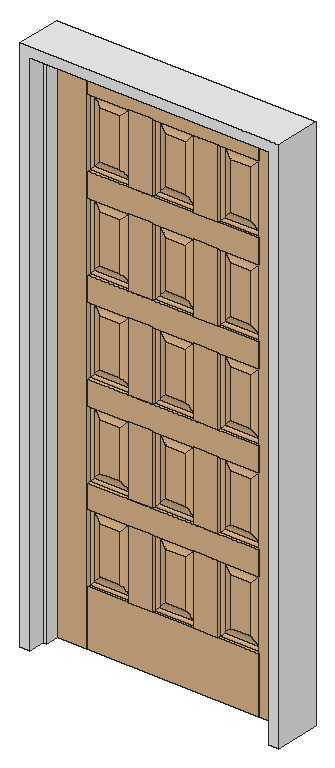
Revit family
Parameters (values of type "2 1/4" Raised Panel")
  URL = "http://www.karonadoor.com"
  Thickness Note = "Do not edit thickness."  # constant formula
  Thickness = 2.250"
  Swing Angle 2D = 90.00°
  SmartBIM Object Version = 1  # constant formula
  SmartBIM Object Created By = "Reed Construction Data"  # constant formula
  Rough Width = 0.000"
  Rough Height = 0.000"
  Panel = Panel_K5930_Karona : 2 1/4" - Raised Panel
  Model = "K5930 Ovolo"  # constant formula
  Manufacturer = "Karona , Inc."  # constant formula
  Detail Door Thickness = 2.250"
  Assembly Code = ""
  Top Rail Height = 5.000"
  Top Rail = Wood, Cherry - Grain Horizontal
  Stile Width = 5.063"
  Stile = Wood, Cherry - Grain Vertical
  Sticking = Wood, Cherry - Grain Vertical
  Middle Rail = Wood, Cherry - Grain Horizontal
  Height = 80.000"
  Wall Closure = (empty or 0)
  Width = 36.000"
  Frame = Metal
  Bottom Rail Height = 8.500"
  Bottom Rail = Wood, Cherry - Grain Horizontal
  95 CSI = "08210"  # constant formula
  04 CSI = "08 14 33"  # constant formula
Types (9): name | Thickness | Rough Height | Panel | Detail Door Thickness
  1 3/4" Flat Panel | 1.774" | 1.750" | Panel_K5930_Karona : 1 3/4" - Flat Panel | 1.750"
  1 3/8" Flat Panel | 1.334" | 0.000" | Panel_K5930_Karona : 1 3/8" - Flat Panel | 1.375"
  2 1/4" Flat Panel | 2.250" | 0.000" | Panel_K5930_Karona : 2 1/4" - Flat Panel | 2.250"
  1 3/4" Glass Panel | 1.774" | 1.750" | Panel_K5930_Karona : 1 3/4" - Glass Panel | 1.750"
  1 3/8" Glass Panel | 1.334" | 0.000" | Panel_K5930_Karona : 1 3/8" - Glass Panel | 1.375"
  2 1/4" Glass Panel | 2.250" | 0.000" | Panel_K5930_Karona : 2 1/4" - Glass | 2.250"
  1 3/4" Raised Panel | 1.774" | 1.750" | Panel_K5930_Karona : 1 3/4" - Raised Panel | 1.750"
  1 3/8" Raised Panel | 1.334" | 0.000" | Panel_K5930_Karona : 1 3/8" - Raised Panel | 1.375"
  2 1/4" Raised Panel | 2.250" | 0.000" | Panel_K5930_Karona : 2 1/4" - Raised Panel | 2.250"
Reference planes (in)
  plane 1 "Center (Front/Back)": y = 0
  plane 2 "Center (Left/Right)": x = 0
  plane 3 "Left": x = -18
  plane 4 "Right": x = 18
  plane 5 "Top": z = 80
  plane 6 "Exterior Edge of Frame": y = 3.5
  plane 7 "Interior Edge of Frame": y = -3.5
  plane 8: y = 1
  plane 9: y = -1
  plane 10 "Opening Left": x = -19.5
  plane 11 "Opening Right": x = 19.5
  plane 12 "Top of Opening": z = 81.5
  plane 13: x = -17.5
Forms (in)
  Sweep 1, solid, material "Metal" <- "Frame"
    path origin (0, 0, 0) x (1, 0, 0) y (0, 0, 1)
      loop
        line (-19.5, 0) -> (-19.5, 81.5) -> (19.5, 81.5) -> (19.5, 0)
    profile origin (-19.5, 0, 40.75) x (-1, 0, 0) y (0, -1, 0)
      loop
        line (0, -3.5) -> (0, 3.5) -> (-1.5, 3.5) -> (-1.5, 1) -> (-2, 1) -> (-2, -1) -> (-1.5, -1) -> (-1.5, -3.5) -> (0, -3.5)
Lines and regions (in)
  Opening 1
    outline origin (-90, -3, 0) x (1, 0, 0) y (0, 0, 1)
      loop
        line (70.5, 0) -> (109.5, 0) -> (109.5, 81.5) -> (70.5, 81.5) -> (70.5, 0)
  symbolic lines, style "Elevation Swing"
    curve 1: line (18, 3, 0) -> (-18, 3, 40)
    curve 2: line (-18, 3, 40) -> (18, 3, 80)
Text (in)
  text "Exterior" at (-46.13199, 20.20143, 0), in view "Ref. Level"
  text "Interior" at (-46.13199, -10.56751, 0), in view "Ref. Level"
  text "Exterior" at (0, 40.15149, 123.01588), in view "Right"
  text "Interior" at (0, -64.39139, 123.01588), in view "Right"
  text "Interior" at (0, -31.01599, 123.00693), in view "Left"
  text "Exterior" at (0, 54.57065, 123.00693), in view "Left"
Dimensions and locks (in)
  "Height": level to plane 5 "Top"
  "Width": plane 3 "Left" to plane 4 "Right"
  equal spacing: host wall, curve 2, plane 5 "Top"
  locked: host wall to plane 7 "Interior Edge of Frame" at 0.5
  locked: plane 6 "Exterior Edge of Frame" to host wall at 0.5
  locked: plane 9 to plane 7 "Interior Edge of Frame" at 2.5
  locked: plane 6 "Exterior Edge of Frame" to plane 8 at 2.5
  equal spacing: plane 3 "Left", plane 2 "Center (Left/Right)", plane 4 "Right"
  locked: plane 4 "Right" to plane 11 "Opening Right" at 1.5
  locked: plane 5 "Top" to plane 12 "Top of Opening" at 1.5
  locked: plane 3 "Left" to plane 13 at 0.5
  locked: plane 10 "Opening Left" to plane 3 "Left" at 1.5
  aligned and locked: Opening 1 sketch curve to level
  aligned and locked: plane 4 "Right" to curve 1
  aligned and locked: plane 3 "Left" to curve 1
  aligned and locked: plane 5 "Top" to curve 2
  aligned and locked: Opening 1 sketch curve to plane 11 "Opening Right"
  aligned and locked: plane 12 "Top of Opening" to Opening 1 sketch curve
  aligned and locked: Opening 1 sketch curve to plane 10 "Opening Left"
  aligned and locked: plane 10 "Opening Left" to Sweep 1 sketch curve
  aligned and locked: plane 12 "Top of Opening" to Sweep 1 sketch curve
  aligned and locked: plane 11 "Opening Right" to Sweep 1 sketch curve
  aligned and locked: level to Sweep 1 sketch curve  (x2)
  aligned and locked: Sweep 1 sketch curve to plane 10 "Opening Left"
  aligned and locked: Sweep 1 sketch curve to plane 6 "Exterior Edge of Frame"
  aligned and locked: Sweep 1 sketch curve to plane 7 "Interior Edge of Frame"
  aligned and locked: Sweep 1 sketch curve to plane 8
  aligned and locked: Sweep 1 sketch curve to plane 9
  aligned and locked: plane 13 to Sweep 1 sketch curve
  aligned and locked: plane 3 "Left" to Sweep 1 sketch curve  (x2)
  aligned and locked: nested 1 to plane 2 "Center (Left/Right)"
  aligned and locked: nested 1 to plane 8  (x2)
  aligned and locked: nested 2 to plane 3 "Left"
  aligned and locked: nested 2 to plane 8
Automatic sketch dimensions
  curve 1 to level = 0.000"
  curve 2 to plane 4 "Right" = 0.000"
Nested families (in)
  nested 1: "Panel_K5930_Karona" at (-13.5, 0.8935, 0) x (-1, 0, 0) z (0, 0, 1), type <- "Panel", type "2 1/4" - Raised Panel"
  nested 2: "Door Panel Plan View" at (-31.5, 1, 0) x (-1, 0, 0) z (0, 0, 1), type "Door Panel Plan View"
    with Thickness 2.250", Height 80.000"
Definition of nested family "Panel_K5930_Karona"
  Parameters (values of type "2 1/4" - Raised Panel")
    Width = 36.000"
    Top Rail Material = Wood, Cherry - Grain Horizontal
    Top Rail Height = 5.000"
    Top Panel Offset = Top Rail Height + Half Panel Height  # 10.200"
    Thickness Note = "Do not change door thickness"  # constant formula
    Thickness = 2.250"
    Stile Width = 5.063"
    Stile Material = Wood, Cherry - Grain Vertical
    Sticking Material = Wood, Cherry - Grain Vertical
    Panel Width = (Width - (2 * Stile Width) - (2 * Mullion Width)) / 3  # 6.208"
    Panel Height = (Height - (Bottom Rail Height + Top Rail Height) - (4 * 3.625")) / 5  # 10.400"
    Panel = Glass-Sticking-Assembly-Ovolo_Karona : Raised Panel
    Mullion Width = 3.625"  # constant formula
    Interior Panel = Wood, Cherry - Grain Vertical
    Height = 80.000"
    Half Panel Width = 0.5 * Panel Width  # 3.104"
    Half Panel Height = 0.5 * Panel Height  # 5.200"
    Exterior Edge - Glass Bottom Offset = if(Thickness = 1.774", 0.567", if(Thickness = 2.250", 0.803", 0.469"))  # 0.803"
    Door Panel Material = Wood, Cherry - Grain Vertical
    Default Elevation = 0.000"  # constant formula
    Cross Rail and Panel Spacing Start = Half Panel Height + 0.5 * (3.625")  # 7.0125"
    Cross Rail Panel Height = Panel Height + 3.625"  # 14.025"
    Bottom Rail Material = Wood, Cherry - Grain Horizontal
    Bottom Rail Height = 8.500"
    Assembly Code = ""
  Types (9): name | Thickness | Stile Width | Panel Width | Panel | Interior Panel | Half Panel Width | Exterior Edge - Glass Bottom Offset
    2 1/4" - Flat Panel | 2.250" | 5.250" | 6.08333" | Glass-Sticking-Assembly-Ovolo_Karona : Flat Panel | Wood, Cherry - Grain Vertical | 3.04167" | 0.803"
    2 1/4" - Glass | 2.250" | 5.250" | 6.08333" | Glass-Sticking-Assembly-Ovolo_Karona : Glass Panel | Glass | 3.04167" | 0.803"
    2 1/4" - Raised Panel | 2.250" | 5.063" | 6.208" | Glass-Sticking-Assembly-Ovolo_Karona : Raised Panel | Wood, Cherry - Grain Vertical | 3.104" | 0.803"
    1 3/4" - Raised Panel | 1.774" | 5.250" | 6.08333" | Glass-Sticking-Assembly-Ovolo_Karona : Raised Panel | Wood, Cherry - Grain Vertical | 3.04167" | 0.567"
    1 3/4" - Flat Panel | 1.774" | 5.250" | 6.08333" | Glass-Sticking-Assembly-Ovolo_Karona : Flat Panel | Wood, Cherry - Grain Vertical | 3.04167" | 0.567"
    1 3/4" - Glass Panel | 1.774" | 5.250" | 6.08333" | Glass-Sticking-Assembly-Ovolo_Karona : Glass Panel | Glass | 3.04167" | 0.567"
    1 3/8" - Raised Panel | 1.334" | 5.250" | 6.08333" | Glass-Sticking-Assembly-Ovolo_Karona : Raised Panel | Wood, Cherry - Grain Vertical | 3.04167" | 0.469"
    1 3/8" - Glass Panel | 1.334" | 5.250" | 6.08333" | Glass-Sticking-Assembly-Ovolo_Karona : Glass Panel | Glass | 3.04167" | 0.469"
    1 3/8" - Flat Panel | 1.334" | 5.250" | 6.08333" | Glass-Sticking-Assembly-Ovolo_Karona : Flat Panel | Wood, Cherry - Grain Vertical | 3.04167" | 0.469"
  Reference planes (in)
    plane 1 "Center (Front/Back)": y = 1.2315
    plane 2: z = 0
    plane 3 "Center (Left/Right)": x = -13.5
    plane 4 "Left": x = -31.5
    plane 5: x = 4.5
    plane 6 "Inner Left": x = -26.437
    plane 7 "Inner Right": x = -0.563
    plane 8: z = 8.5
    plane 9 "Bottom Of Top Rail": z = 75
    plane 10 "Top": z = 80
    plane 11 "Interior Edge of Door": y = 2.3565
    plane 12: z = 75
    plane 13 "Exterior Edge of Door": y = 0.1065
    plane 14 "Bottom of Glass": y = 0.9095
    plane 15 "Left Panel Vertical Midline": x = -23.333
    plane 16 "Right Panel Vertical Midline": x = -3.667
    plane 17 "Center of Left Vertical Mullion": x = -18.4165
    plane 18 "Center of Right Vertical Mullion": x = -8.5835
    plane 19 "Horizontal Midline Panel 1": z = 69.8
    plane 20 "Horizontal Midline Panel 2": z = 55.775
    plane 21 "Horizontal Midline Panel 3": z = 41.75
    plane 22 "Horizontal Midline Panel 4": z = 27.725
    plane 23 "Cross Rail 2": z = 48.7625
    plane 24 "Cross Rail 3": z = 34.7375
    plane 25 "Cross Rail Bottom": z = 20.7125
    plane 26 "Horizontal Midline Panel 5": z = 13.7
    plane 27 "Cross Rail 1": z = 62.7875
    plane 28: x = -20.229
    plane 29: x = -16.604
    plane 30: x = -10.396
    plane 31: x = -6.771
  Forms (in)
    Extrusion 1, solid, material "Wood, Cherry - Grain Horizontal" <- "Bottom Rail Material"
      sketch origin (0, -101.3125, 0) x (1, 0, 0) y (0, 0, 1)
        loop
          line (-26.437, 0) -> (-0.563, 0) -> (-0.563, 8.5) -> (-26.437, 8.5) -> (-26.437, 0)
      from -103.669 to -101.419
    Extrusion 2, solid, material "Wood, Cherry - Grain Vertical" <- "Stile Material"
      sketch origin (0, 1.2315, 0) x (1, 0, 0) y (0, 0, 1)
        loop
          line (-31.5, 80) -> (-31.5, 0) -> (-26.437, 0) -> (-26.437, 80) -> (-31.5, 80)
        loop
          line (-0.563, 0) -> (4.5, 0) -> (4.5, 80) -> (-0.563, 80) -> (-0.563, 0)
      from -1.125 to 1.125
    Extrusion 3, solid, material "Wood, Cherry - Grain Horizontal" <- "Top Rail Material"
      sketch origin (0, 1.2315, 0) x (1, 0, 0) y (0, 0, 1)
        loop
          line (-26.437, 80) -> (-26.437, 75) -> (-0.563, 75) -> (-0.563, 80) -> (-26.437, 80)
      from -1.125 to 1.125
    Extrusion 4, solid, material "Wood, Cherry - Grain Horizontal" <- "Top Rail Material"
      sketch origin (0, 1.2315, 0) x (1, 0, 0) y (0, 0, 1)
        loop
          line (-0.563, 18.8995) -> (-0.563, 22.5255) -> (-26.437, 22.5255) -> (-26.437, 18.8995) -> (-0.563, 18.8995)
        loop
          line (-0.563, 32.9245) -> (-0.563, 36.5505) -> (-26.437, 36.5505) -> (-26.437, 32.9245) -> (-0.563, 32.9245)
        loop
          line (-0.563, 46.9495) -> (-0.563, 50.5755) -> (-26.437, 50.5755) -> (-26.437, 46.9495) -> (-0.563, 46.9495)
        loop
          line (-0.563, 60.9745) -> (-0.563, 64.6005) -> (-26.437, 64.6005) -> (-26.437, 60.9745) -> (-0.563, 60.9745)
      from -1.125 to 1.125
    Extrusion 5, solid, material "Wood, Cherry - Grain Vertical" <- "Stile Material"
      sketch origin (0, 1.2315, 0) x (1, 0, 0) y (0, 0, 1)
        loop
          line (-20.229, 8.5) -> (-16.604, 8.5) -> (-16.604, 18.8995) -> (-20.229, 18.8995) -> (-20.229, 8.5)
        loop
          line (-10.396, 8.5) -> (-6.771, 8.5) -> (-6.771, 18.8995) -> (-10.396, 18.8995) -> (-10.396, 8.5)
        loop
          line (-20.229, 22.5255) -> (-16.604, 22.5255) -> (-16.604, 32.9245) -> (-20.229, 32.9245) -> (-20.229, 22.5255)
        loop
          line (-6.771, 22.5255) -> (-6.771, 32.9245) -> (-10.396, 32.9245) -> (-10.396, 22.5255) -> (-6.771, 22.5255)
        loop
          line (-20.229, 36.5505) -> (-16.604, 36.5505) -> (-16.604, 46.9495) -> (-20.229, 46.9495) -> (-20.229, 36.5505)
        loop
          line (-6.771, 36.5505) -> (-6.771, 46.9495) -> (-10.396, 46.9495) -> (-10.396, 36.5505) -> (-6.771, 36.5505)
        loop
          line (-20.229, 50.5755) -> (-16.604, 50.5755) -> (-16.604, 60.9745) -> (-20.229, 60.9745) -> (-20.229, 50.5755)
        loop
          line (-10.396, 50.5755) -> (-6.771, 50.5755) -> (-6.771, 60.9745) -> (-10.396, 60.9745) -> (-10.396, 50.5755)
        loop
          line (-20.229, 64.6005) -> (-16.604, 64.6005) -> (-16.604, 75) -> (-20.229, 75) -> (-20.229, 64.6005)
        loop
          line (-10.396, 64.6005) -> (-6.771, 64.6005) -> (-6.771, 75) -> (-10.396, 75) -> (-10.396, 64.6005)
      from -1.125 to 1.125
  Text (in)
    text "EXTERIOR" at (-34.59289, -1.27941, 0), in view "Ref. Level"
    text "EXTERIOR" at (0, -9.65287, 72.76687), in view "Left"
    text "EXTERIOR" at (0, -33.33473, 96.68074), in view "Right"
  Dimensions and locks (in)
    equal spacing: plane 4 "Left", plane 3 "Center (Left/Right)", plane 5
    "Width": plane 4 "Left" to plane 5
    "Stile Width": plane 4 "Left" to plane 6 "Inner Left"
    "Stile Width": plane 5 to plane 7 "Inner Right"
    "Bottom Rail Height": plane 8 to plane 2
    "Top Rail Height": plane 10 "Top" to plane 9 "Bottom Of Top Rail"
    "Height": plane 10 "Top" to plane 2
    equal spacing: plane 11 "Interior Edge of Door", plane 1 "Center (Front/Back)", plane 13 "Exterior Edge of Door"
    "Thickness": plane 11 "Interior Edge of Door" to plane 13 "Exterior Edge of Door"
    "Exterior Edge - Glass Bottom Offset": plane 14 "Bottom of Glass" to plane 13 "Exterior Edge of Door"
    "Exterior Edge - Glass Bottom Offset": plane 13 "Exterior Edge of Door" to plane 14 "Bottom of Glass"
    "Half Panel Width": plane 15 "Left Panel Vertical Midline" to plane 6 "Inner Left"
    "Half Panel Width": plane 7 "Inner Right" to plane 16 "Right Panel Vertical Midline"
    equal spacing: plane 3 "Center (Left/Right)", plane 17 "Center of Left Vertical Mullion", plane 15 "Left Panel Vertical Midline"
    equal spacing: plane 16 "Right Panel Vertical Midline", plane 18 "Center of Right Vertical Mullion", plane 3 "Center (Left/Right)"
    "Half Panel Height": plane 26 "Horizontal Midline Panel 5" to plane 8
    "Cross Rail and Panel Spacing Start": plane 25 "Cross Rail Bottom" to plane 26 "Horizontal Midline Panel 5"
    "Cross Rail Panel Height": plane 24 "Cross Rail 3" to plane 25 "Cross Rail Bottom"
    "Cross Rail Panel Height": plane 23 "Cross Rail 2" to plane 24 "Cross Rail 3"
    "Cross Rail Panel Height": plane 27 "Cross Rail 1" to plane 23 "Cross Rail 2"
    equal spacing: Extrusion 4 sketch curve, plane 27 "Cross Rail 1", Extrusion 4 sketch curve
    equal spacing: Extrusion 4 sketch curve, plane 23 "Cross Rail 2", Extrusion 4 sketch curve
    equal spacing: Extrusion 4 sketch curve, plane 24 "Cross Rail 3", Extrusion 4 sketch curve
    equal spacing: Extrusion 4 sketch curve, plane 25 "Cross Rail Bottom", Extrusion 4 sketch curve
    locked: Extrusion 4 sketch curve to Extrusion 4 sketch curve at 3.626  (x4)
    equal spacing: plane 24 "Cross Rail 3", plane 22 "Horizontal Midline Panel 4", plane 25 "Cross Rail Bottom"
    equal spacing: plane 23 "Cross Rail 2", plane 21 "Horizontal Midline Panel 3", plane 24 "Cross Rail 3"
    equal spacing: plane 27 "Cross Rail 1", plane 20 "Horizontal Midline Panel 2", plane 23 "Cross Rail 2"
    equal spacing: Extrusion 5 sketch curve, plane 22 "Horizontal Midline Panel 4", Extrusion 5 sketch curve  (x2)
    equal spacing: Extrusion 5 sketch curve, plane 21 "Horizontal Midline Panel 3", Extrusion 5 sketch curve  (x2)
    equal spacing: plane 28, plane 17 "Center of Left Vertical Mullion", plane 29
    locked: plane 28 to plane 29 at 3.625
    equal spacing: plane 30, plane 18 "Center of Right Vertical Mullion", plane 31
    locked: plane 30 to plane 31 at 3.625
    equal spacing: Extrusion 5 sketch curve, plane 20 "Horizontal Midline Panel 2", Extrusion 5 sketch curve  (x2)
    "Cross Rail and Panel Spacing Start": plane 19 "Horizontal Midline Panel 1" to plane 27 "Cross Rail 1"
    aligned and locked: Extrusion 1 to plane 2
    aligned and locked: plane 11 "Interior Edge of Door" to Extrusion 1
    aligned and locked: plane 4 "Left" to Extrusion 2 sketch curve
    aligned and locked: Extrusion 2 sketch curve to plane 10 "Top"
    aligned and locked: Extrusion 2 sketch curve to Extrusion 1  (x3)
    aligned and locked: Extrusion 1 to Extrusion 2 sketch curve
    aligned and locked: plane 10 "Top" to Extrusion 2 sketch curve
    aligned and locked: plane 5 to Extrusion 2 sketch curve
    aligned and locked: plane 11 "Interior Edge of Door" to Extrusion 2
    aligned and locked: Extrusion 2 to Extrusion 3 sketch curve
    aligned and locked: Extrusion 3 sketch curve to Extrusion 2
    aligned and locked: plane 11 "Interior Edge of Door" to Extrusion 3
    aligned and locked: plane 12 to plane 9 "Bottom Of Top Rail"
    aligned and locked: level to plane 2
    aligned and locked: Extrusion 3 to plane 13 "Exterior Edge of Door"
    aligned and locked: Extrusion 3 to plane 11 "Interior Edge of Door"
    aligned and locked: Extrusion 2 to plane 13 "Exterior Edge of Door"
    aligned and locked: Extrusion 3 to plane 12
    aligned and locked: Extrusion 1 to Extrusion 2
    aligned and locked: nested 1 to plane 1 "Center (Front/Back)"
    aligned and locked: nested 1 to plane 15 "Left Panel Vertical Midline"
    aligned and locked: plane 3 "Center (Left/Right)" to nested 3
    aligned and locked: nested 3 to plane 1 "Center (Front/Back)"
    aligned and locked: nested 2 to plane 1 "Center (Front/Back)"
    aligned and locked: nested 2 to plane 16 "Right Panel Vertical Midline"
    aligned and locked: plane 11 "Interior Edge of Door" to Extrusion 4
    aligned and locked: Extrusion 4 to plane 13 "Exterior Edge of Door"
    aligned and locked: plane 26 "Horizontal Midline Panel 5" to nested 1
    aligned and locked: plane 19 "Horizontal Midline Panel 1" to nested 13
    aligned and locked: plane 19 "Horizontal Midline Panel 1" to nested 15
    aligned and locked: plane 19 "Horizontal Midline Panel 1" to nested 14
    aligned and locked: plane 16 "Right Panel Vertical Midline" to nested 14
    aligned and locked: plane 16 "Right Panel Vertical Midline" to nested 11
    aligned and locked: plane 16 "Right Panel Vertical Midline" to nested 8
    aligned and locked: plane 16 "Right Panel Vertical Midline" to nested 5
    aligned and locked: plane 20 "Horizontal Midline Panel 2" to nested 11
    aligned and locked: plane 20 "Horizontal Midline Panel 2" to nested 12
    aligned and locked: plane 20 "Horizontal Midline Panel 2" to nested 10
    aligned and locked: plane 21 "Horizontal Midline Panel 3" to nested 7
    aligned and locked: plane 21 "Horizontal Midline Panel 3" to nested 9
    aligned and locked: plane 21 "Horizontal Midline Panel 3" to nested 8
    aligned and locked: plane 22 "Horizontal Midline Panel 4" to nested 4
    aligned and locked: plane 22 "Horizontal Midline Panel 4" to nested 6
    aligned and locked: plane 22 "Horizontal Midline Panel 4" to nested 5
    aligned and locked: plane 15 "Left Panel Vertical Midline" to nested 13
    aligned and locked: plane 15 "Left Panel Vertical Midline" to nested 10
    aligned and locked: plane 15 "Left Panel Vertical Midline" to nested 7
    aligned and locked: plane 3 "Center (Left/Right)" to nested 15
    aligned and locked: plane 3 "Center (Left/Right)" to nested 12
    aligned and locked: plane 3 "Center (Left/Right)" to nested 9
    aligned and locked: plane 3 "Center (Left/Right)" to nested 6
    aligned and locked: Extrusion 5 sketch curve to plane 8
    aligned and locked: Extrusion 4 to Extrusion 5 sketch curve  (x2)
    aligned and locked: Extrusion 5 sketch curve to plane 28  (x4)
    aligned and locked: plane 29 to Extrusion 5 sketch curve  (x2)
    aligned and locked: Extrusion 5 sketch curve to plane 29  (x2)
    aligned and locked: Extrusion 5 sketch curve to plane 30  (x4)
    aligned and locked: plane 31 to Extrusion 5 sketch curve  (x3)
    aligned and locked: Extrusion 5 sketch curve to plane 31
    aligned and locked: plane 12 to Extrusion 5 sketch curve  (x2)
    aligned and locked: plane 11 "Interior Edge of Door" to Extrusion 5
    aligned and locked: Extrusion 5 to plane 13 "Exterior Edge of Door"
    aligned and locked: plane 15 "Left Panel Vertical Midline" to nested 4
    aligned and locked: plane 26 "Horizontal Midline Panel 5" to nested 3
    aligned and locked: plane 26 "Horizontal Midline Panel 5" to nested 2
  Automatic sketch dimensions
    Extrusion 1 sketch curve to plane 6 "Inner Left" = 0.000"
    Extrusion 1 sketch curve to plane 7 "Inner Right" = 0.000"
    Extrusion 1 sketch curve to level = 0.000"
    Extrusion 1 sketch curve to plane 8 = 0.000"
    Extrusion 3 sketch curve to plane 7 "Inner Right" = 0.000"
    plane 9 "Bottom Of Top Rail" to Extrusion 3 sketch curve = 0.000"
    Extrusion 4 sketch curve to plane 7 "Inner Right" = 0.000"  (x4)
    Extrusion 4 sketch curve to plane 6 "Inner Left" = 0.000"  (x4)
    Extrusion 5 sketch curve to plane 25 "Cross Rail Bottom" = 1.813"
    Extrusion 5 sketch curve to plane 8 = 0.000"
    plane 25 "Cross Rail Bottom" to Extrusion 5 sketch curve = 1.813"  (x2)
    plane 24 "Cross Rail 3" to Extrusion 5 sketch curve = 1.813"  (x2)
    Extrusion 5 sketch curve to plane 31 = 0.000"
    Extrusion 5 sketch curve to plane 30 = 0.000"
    Extrusion 5 sketch curve to Extrusion 5 sketch curve = 0.000"
    Extrusion 5 sketch curve to plane 29 = 0.000"
    Extrusion 5 sketch curve to plane 28 = 0.000"
    plane 23 "Cross Rail 2" to Extrusion 5 sketch curve = 1.813"  (x2)
  Nested families (in)
    nested 1: "Glass-Sticking-Assembly-Ovolo_Karona" at (-23.80175, 1.38, 8.5), Width <- "Panel Width", Height <- "Panel Height", type <- "Panel", type "Raised Panel"
      with Width 6.208", Height 10.400", Stop Adjustment 0.513", Door Thickness 2.250", C 0.437", B 0.803", A 0.431"
    nested 2: "Glass-Sticking-Assembly-Ovolo_Karona" at (-4.13575, 1.38, 8.5), Width <- "Panel Width", Height <- "Panel Height", type <- "Panel", type "Raised Panel"
      with Width 6.208", Height 10.400", Stop Adjustment 0.513", Door Thickness 2.250", C 0.437", B 0.803", A 0.431"
    nested 3: "Glass-Sticking-Assembly-Ovolo_Karona" at (-13.96875, 1.38, 8.5), Width <- "Panel Width", Height <- "Panel Height", type <- "Panel", type "Raised Panel"
      with Width 6.208", Height 10.400", Stop Adjustment 0.513", Door Thickness 2.250", C 0.437", B 0.803", A 0.431"
    nested 4: "Glass-Sticking-Assembly-Ovolo_Karona" at (-23.80175, 1.3784, 22.525), Width <- "Panel Width", Height <- "Panel Height", type <- "Panel", type "Raised Panel"
      with Width 6.208", Height 10.400", Stop Adjustment 0.513", Door Thickness 2.250", C 0.437", B 0.803", A 0.431"
    nested 5: "Glass-Sticking-Assembly-Ovolo_Karona" at (-4.13575, 1.3784, 22.525), Width <- "Panel Width", Height <- "Panel Height", type <- "Panel", type "Raised Panel"
      with Width 6.208", Height 10.400", Stop Adjustment 0.513", Door Thickness 2.250", C 0.437", B 0.803", A 0.431"
    nested 6: "Glass-Sticking-Assembly-Ovolo_Karona" at (-13.96875, 1.3784, 22.525), Width <- "Panel Width", Height <- "Panel Height", type <- "Panel", type "Raised Panel"
      with Width 6.208", Height 10.400", Stop Adjustment 0.513", Door Thickness 2.250", C 0.437", B 0.803", A 0.431"
    nested 7: "Glass-Sticking-Assembly-Ovolo_Karona" at (-23.80175, 1.3788, 36.55), Width <- "Panel Width", Height <- "Panel Height", type <- "Panel", type "Raised Panel"
      with Width 6.208", Height 10.400", Stop Adjustment 0.513", Door Thickness 2.250", C 0.437", B 0.803", A 0.431"
    nested 8: "Glass-Sticking-Assembly-Ovolo_Karona" at (-4.13575, 1.3788, 36.55), Width <- "Panel Width", Height <- "Panel Height", type <- "Panel", type "Raised Panel"
      with Width 6.208", Height 10.400", Stop Adjustment 0.513", Door Thickness 2.250", C 0.437", B 0.803", A 0.431"
    nested 9: "Glass-Sticking-Assembly-Ovolo_Karona" at (-13.96875, 1.3788, 36.55), Width <- "Panel Width", Height <- "Panel Height", type <- "Panel", type "Raised Panel"
      with Width 6.208", Height 10.400", Stop Adjustment 0.513", Door Thickness 2.250", C 0.437", B 0.803", A 0.431"
    nested 10: "Glass-Sticking-Assembly-Ovolo_Karona" at (-23.80175, 1.3792, 50.575), Width <- "Panel Width", Height <- "Panel Height", type <- "Panel", type "Raised Panel"
      with Width 6.208", Height 10.400", Stop Adjustment 0.513", Door Thickness 2.250", C 0.437", B 0.803", A 0.431"
    nested 11: "Glass-Sticking-Assembly-Ovolo_Karona" at (-4.13575, 1.3792, 50.575), Width <- "Panel Width", Height <- "Panel Height", type <- "Panel", type "Raised Panel"
      with Width 6.208", Height 10.400", Stop Adjustment 0.513", Door Thickness 2.250", C 0.437", B 0.803", A 0.431"
    nested 12: "Glass-Sticking-Assembly-Ovolo_Karona" at (-13.96875, 1.3792, 50.575), Width <- "Panel Width", Height <- "Panel Height", type <- "Panel", type "Raised Panel"
      with Width 6.208", Height 10.400", Stop Adjustment 0.513", Door Thickness 2.250", C 0.437", B 0.803", A 0.431"
    nested 13: "Glass-Sticking-Assembly-Ovolo_Karona" at (-23.80175, 1.3796, 64.6), Width <- "Panel Width", Height <- "Panel Height", type <- "Panel", type "Raised Panel"
      with Width 6.208", Height 10.400", Stop Adjustment 0.513", Door Thickness 2.250", C 0.437", B 0.803", A 0.431"
    nested 14: "Glass-Sticking-Assembly-Ovolo_Karona" at (-4.13575, 1.3796, 64.6), Width <- "Panel Width", Height <- "Panel Height", type <- "Panel", type "Raised Panel"
      with Width 6.208", Height 10.400", Stop Adjustment 0.513", Door Thickness 2.250", C 0.437", B 0.803", A 0.431"
    nested 15: "Glass-Sticking-Assembly-Ovolo_Karona" at (-13.96875, 1.3796, 64.6), Width <- "Panel Width", Height <- "Panel Height", type <- "Panel", type "Raised Panel"
      with Width 6.208", Height 10.400", Stop Adjustment 0.513", Door Thickness 2.250", C 0.437", B 0.803", A 0.431"
  Definition of nested family "Glass-Sticking-Assembly-Ovolo_Karona"
    Parameters (values of type "Raised Panel")
      Width [instance] = 4.000"
      Vertical Profile Offset = if(Glass Panel, 0.473", 0.050")  # 0.050"
      Stop Adjustment = if(and(not(Glass Panel), Door Thickness = 1.774"), 0.513", if(and(not(Glass Panel), Door Thickness = 2.250"), 0.513", if((Glass Panel), 0.125", 0.273")))  # 0.273"
      Profile = Wood, Cherry - Grain Vertical
      Height [instance] = 23.000"
      Raised Panel = yes
      Interior Panel = Wood, Cherry - Grain Vertical
      Glass Panel = no
      Door Thickness = 1.334"
      C = if(Door Thickness = 1.774", 0.197", if(Door Thickness = 2.250", 0.437", 0.106"))  # 0.106"
      B = if(Door Thickness = 1.774", 0.567", if(Door Thickness = 2.250", 0.803", 0.469"))  # 0.469"
      Assembly Code = ""
      A = if(Door Thickness = 1.774", 0.195", if(Door Thickness = 2.250", 0.431", 0.108"))  # 0.108"
    Types (3): name | Width | Vertical Profile Offset | Stop Adjustment | Raised Panel | Glass Panel | Door Thickness | C | B | A
      Glass Panel | 5.000" | 0.473" | 0.125" | no | yes | 2.250" | 0.437" | 0.803" | 0.431"
      Flat Panel | 4.500" | 0.050" | 0.513" | no | no | 2.250" | 0.437" | 0.803" | 0.431"
      Raised Panel | 4.000" | 0.050" | 0.273" | yes | no | 1.334" | 0.106" | 0.469" | 0.108"
    Reference planes (in)
      plane 1 "Stop Adjustment Edge": y = -0.3455
      plane 2: z = 0
      plane 3 "Center (Left/Right)": x = 0.46875
      plane 4 "Back": y = 0.3945
      plane 5 "Front": y = -0.9395
      plane 6 "Left": x = -1.53125
      plane 7 "Right": x = 2.46875
      plane 8 "Top": z = 23
      plane 9 "Center (Up/Down)": z = 11.5
      plane 10 "Bottom of Stop": y = -0.0725
      plane 11 "Bottom of Glass": y = -0.4705
      plane 12 "Right Edge of Glass": x = 2.41875
      plane 13 "Left Edge of Glass": x = -1.48125
      plane 14 "Top Edge of Glass": z = 22.90625
      plane 15 "Bottom Edge of Glass": z = 0.09375
      plane 16: x = 2.34375
      plane 17 "A": y = -0.8315
      plane 18 "C": y = 0.2885
      plane 19 "Bottom Cut Line": z = 0.438
      plane 20 "Top Cut Line": z = 22.562
      plane 21 "Cut Vertical Left": x = -1.09325
      plane 22 "Cut Vertical": x = 2.03075
      plane 23 "Center (Front/Back)": y = -0.2725
    Forms (in)
      Sweep 1, solid, material "Wood, Cherry - Grain Vertical" <- "Profile"
        path origin (0, -0.3455, 0) x (1, 0, 0) y (0, 0, 1)
          loop
            line (2.46875, 23) -> (-1.53125, 23) -> (-1.53125, 0) -> (2.46875, 0) -> (2.46875, 23)
        profile origin (2.46875, -0.3455, 11.5) x (0, -1, 0) y (1, 0, 0)
          loop
            line (-0.634, 0) -> (-0.634, -0.438) -> (-0.273, -0.438) -> (-0.273, -0.05) -> (0.125, -0.05) -> (0.125, -0.44588)
            arc (0.125, -0.44588) -> (0.40126, -0.29929) -> (0.492, 0) r 0.40707
            line (0.492, 0) -> (-0.634, 0)
      Extrusion 2, solid, material "Wood, Cherry - Grain Vertical" <- "Interior Panel"
        sketch origin (0, 0, 0) x (1, 0, 0) y (0, 1, 0)
          loop
            line (-1.48125, -0.0725) -> (-1.48125, -0.4705) -> (2.41875, -0.4705) -> (2.41875, -0.0725) -> (-1.48125, -0.0725)
        from 0.09375 to 22.90625
      Extrusion 3, solid, material "Wood, Cherry - Grain Vertical" <- "Profile", visible <- "Raised Panel"
        sketch origin (0, 0, 0) x (1, 0, 0) y (0, 1, 0)
          loop
            line (2.03075, 0.2885) -> (-1.09325, 0.2885) -> (-1.09325, -0.0725) -> (2.03075, -0.0725) -> (2.03075, 0.2885)
          loop
            line (-1.09325, -0.4705) -> (-1.09325, -0.8315) -> (2.03075, -0.8315) -> (2.03075, -0.4705) -> (-1.09325, -0.4705)
        from 0.438 to 22.562
      Sweep 4, void
        path origin (0, -0.0725, 0) x (-1, 0, 0) y (0, 0, 1)
          loop
            line (1.53125, 0) -> (1.53125, 23) -> (-2.46875, 23) -> (-2.46875, 0) -> (1.53125, 0)
        profile "Profile : 05" origin (-1.53125, -0.0725, 11.5) x (1, 0, 0) y (0, 1, 0)
          loop
            line (0, 0.05) -> (0.36169, 0.05096)
            arc (0.36169, 0.05096) -> (1.01257, 0.13642) -> (1.61934, 0.387) r 2.52143
            line (1.61934, 0.387) -> (0, 0.387) -> (0, 0.05)
      Sweep 5, void
        path origin (0, -0.4705, 0) x (-1, 0, 0) y (0, 0, 1)
          loop
            line (-2.46875, 23) -> (-2.46875, 0) -> (1.53125, 0) -> (1.53125, 23) -> (-2.46875, 23)
        profile "Profile : 05" origin (2.46875, -0.4705, 11.5) x (-1, 0, 0) y (0, 1, 0)
          loop
            line (0, -0.05) -> (0, -0.387) -> (1.61934, -0.387)
            arc (1.61934, -0.387) -> (1.01257, -0.13642) -> (0.36169, -0.05096) r 2.52143
            line (0.36169, -0.05096) -> (0, -0.05)
      Sweep 6, void
        path origin (0, 0.2885, 0) x (1, 0, 0) y (0, 0, 1)
          loop
            line (-1.09325, 0.438) -> (2.03075, 0.438) -> (2.03075, 22.562) -> (-1.09325, 22.562) -> (-1.09325, 0.438)
        profile "QuarterCircleCut : QuarterCircleCut" origin (2.03075, 0.2885, 11.5) x (-1, 0, 0) y (0, -1, 0)
          loop
            arc (0.35, 0) -> (0.10251, 0.10251) -> (0, 0.35) r 0.35
            line (0, 0.35) -> (0, 0) -> (0.35, 0)
    Cuts and joins
      Sweep 4, Sweep 5 cuts Extrusion 3
      Sweep 6 cuts Sweep 1
    Text (in)
      text "INTERIOR" at (-14.3788, 3.49864, 0), in view "Ref. Level"
    Dimensions and locks (in)
      equal spacing: plane 6 "Left", plane 3 "Center (Left/Right)", plane 7 "Right"
      "Width": plane 6 "Left" to plane 7 "Right"
      "Door Thickness": plane 4 "Back" to plane 5 "Front"
      "Height": plane 8 "Top" to plane 2
      equal spacing: plane 8 "Top", plane 9 "Center (Up/Down)", level
      locked: plane 1 "Stop Adjustment Edge" to plane 11 "Bottom of Glass" at 0.125
      "Stop Adjustment": plane 10 "Bottom of Stop" to plane 1 "Stop Adjustment Edge"
      locked: plane 12 "Right Edge of Glass" to plane 7 "Right" at 0.05
      locked: plane 8 "Top" to plane 14 "Top Edge of Glass" at 0.09375
      locked: plane 15 "Bottom Edge of Glass" to level at 0.09375
      locked: plane 6 "Left" to plane 13 "Left Edge of Glass" at 0.05
      "B": plane 5 "Front" to plane 11 "Bottom of Glass"
      locked: plane 16 to plane 7 "Right" at 0.125
      "A": plane 5 "Front" to plane 17 "A"
      "C": plane 18 "C" to plane 4 "Back"
      plane 4 "Back" to Sweep 1 = 0.467"
      locked: plane 19 "Bottom Cut Line" to level at 0.438
      locked: plane 8 "Top" to plane 20 "Top Cut Line" at 0.438
      locked: plane 6 "Left" to plane 21 "Cut Vertical Left" at 0.438
      locked: plane 22 "Cut Vertical" to plane 7 "Right" at 0.438
      equal spacing: plane 4 "Back", plane 23 "Center (Front/Back)", plane 5 "Front"
      aligned and locked: Sweep 1 sketch curve to plane 7 "Right"
      aligned and locked: Sweep 1 sketch curve to plane 8 "Top"
      aligned and locked: Sweep 1 sketch curve to plane 6 "Left"
      aligned and locked: Sweep 1 sketch curve to level
      aligned and locked: plane 10 "Bottom of Stop" to Sweep 1 sketch curve
      aligned and locked: plane 11 "Bottom of Glass" to Sweep 1 sketch curve
      aligned and locked: Extrusion 2 sketch curve to plane 13 "Left Edge of Glass"
      aligned and locked: Extrusion 2 sketch curve to plane 10 "Bottom of Stop"
      aligned and locked: Extrusion 2 sketch curve to plane 11 "Bottom of Glass"
      aligned and locked: Extrusion 2 sketch curve to plane 12 "Right Edge of Glass"
      aligned and locked: plane 14 "Top Edge of Glass" to Extrusion 2
      aligned and locked: Extrusion 2 to plane 15 "Bottom Edge of Glass"
      aligned and locked: Extrusion 3 sketch curve to plane 18 "C"
      aligned and locked: Extrusion 3 sketch curve to plane 10 "Bottom of Stop"
      aligned and locked: Extrusion 3 sketch curve to plane 11 "Bottom of Glass"
      aligned and locked: Extrusion 3 sketch curve to plane 17 "A"
      aligned and locked: Extrusion 3 to plane 19 "Bottom Cut Line"
      aligned and locked: Extrusion 3 to plane 20 "Top Cut Line"
      aligned and locked: plane 12 "Right Edge of Glass" to Sweep 1 sketch curve
      aligned and locked: plane 22 "Cut Vertical" to Extrusion 3 sketch curve  (x2)
      aligned and locked: Extrusion 3 sketch curve to plane 21 "Cut Vertical Left"  (x2)
      aligned and locked: plane 22 "Cut Vertical" to Sweep 1 sketch curve
      aligned and locked: Sweep 5 sketch curve to plane 6 "Left"
      aligned and locked: plane 8 "Top" to Sweep 5 sketch curve
      aligned and locked: Sweep 5 sketch curve to plane 7 "Right"
      aligned and locked: level to Sweep 5 sketch curve
      aligned and locked: Sweep 4 sketch curve to plane 7 "Right"
      aligned and locked: plane 8 "Top" to Sweep 4 sketch curve
      aligned and locked: Sweep 4 sketch curve to plane 6 "Left"
      aligned and locked: level to Sweep 4 sketch curve
      aligned and locked: plane 18 "C" to Sweep 1 sketch curve
      aligned and locked: Sweep 6 sketch curve to plane 21 "Cut Vertical Left"
      aligned and locked: plane 22 "Cut Vertical" to Sweep 6 sketch curve
      aligned and locked: Sweep 6 sketch curve to plane 19 "Bottom Cut Line"
      aligned and locked: plane 20 "Top Cut Line" to Sweep 6 sketch curve
    Automatic sketch dimensions
      Sweep 1 sketch curve to Sweep 1 sketch curve = 0.03804"
      Sweep 1 sketch curve to Sweep 1 sketch curve = 0.367"
      plane 16 to Sweep 1 sketch curve = 0.32088"
      Sweep 1 sketch curve to profile plane = 0.000"
Definition of nested family "Door Panel Plan View"
  Parameters (values of type "Door Panel Plan View")
    Width = 36.000"
    Thickness = 2.000"
    Swing Angle 2D = 90.00°
    Height = 0.000"
    Assembly Code = ""
  Reference planes (in)
    plane 1 "Center (Front/Back)": y = 0
    plane 2: z = 0
    plane 3 "Center (Left/Right)": x = -13.5
  Lines and regions (in)
    symbolic lines, style "DoorsPanelProjection"
      curve 1: line (-13.5, 0, 0) -> (-13.5, 36, 0)
      curve 2: line (-15.5, 0, 0) -> (-15.5, 36, 0)
      curve 3: line (-13.5, 0, 0) -> (-15.5, 0, 0)
      curve 4: line (-13.5, 36, 0) -> (-15.5, 36, 0)
    symbolic lines, style "Plan Swing"
      curve 5: arc (-13.5, 36, 0) -> (-38.95584, 25.45584, 0) -> (-49.5, 0, 0) r 36
  Dimensions and locks (in)
    "Width": curve 4 to curve 3
    "Thickness": curve 1 to curve 2
    "Swing Angle 2D": angle curve 1 to plane 1 "Center (Front/Back)"
    aligned and locked: plane 1 "Center (Front/Back)" to curve 5
  Automatic sketch dimensions
    curve 3 to plane 1 "Center (Front/Back)" = 0.000"
    curve 5 to plane 3 "Center (Left/Right)" = 0.000"
    curve 3 to plane 3 "Center (Left/Right)" = 0.000"
